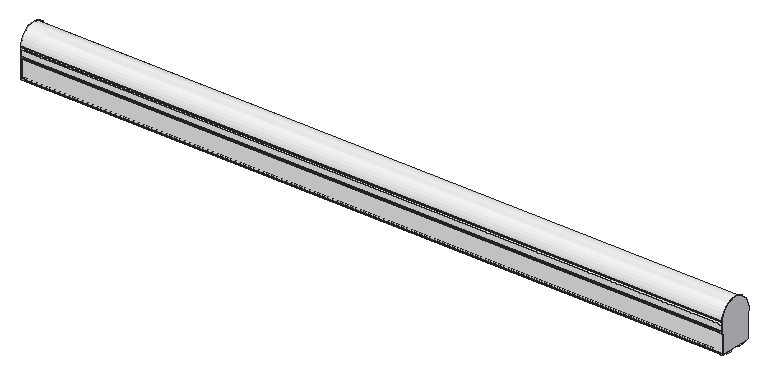
Revit family "LCOMN", category Lighting Fixtures, host Face, Revit 2019
Family settings
  Host = Face
  Round Connector Dimension = Use Diameter
  Part Type = Normal
  OmniClass Number = 23.80.70.11.14.11
  OmniClass Title = Downlights
  Cut with Voids When Loaded = No
  Light Source = Yes
  Shared = No
  Room Calculation Point = No
Parameters (values of type "LCOMN48-LED840K020LUNV")
  Width = 0' - 2 1/16"
  Wattage = 17 W
  built-in parameter 1150110 = 1 (stored number, unit not read)
  Voltage = 120 V
  URL = "https://www.viscor.com/en/products/vru"
  built-in parameter 1114217 = 0.9 (stored number, unit not read)
  Tilt Angle = -90.00°
  built-in parameter 1150109 = 1 (stored number, unit not read)
  built-in parameter 1150134 = 12
  built-in parameter 1150113 = 1 (stored number, unit not read)
  Photometric Web File = "LCOMN48-LED840K020LUNV-G0522.IES"
  Model = "LCOMN"  # constant formula
  Manufacturer = "VISIONEERING by VISCOR"  # constant formula
  built-in parameter 1150105 = 160.99 (stored number, unit not read)
  Lumens = 2023 lm
  built-in parameter 1150115 = 1 (stored number, unit not read)
  built-in parameter 1150137 = (empty or 0)
  built-in parameter 1150139 = (empty or 0)
  Lens Finish = Polycarbonate - Viscor - Frosted Round
  Length = 3' - 8 7/8"
  Lamp Wattage = 17 VA
  built-in parameter 1150112 = 1 (stored number, unit not read)
  built-in parameter 1150114 = 1 (stored number, unit not read)
  Lamp = "LED"  # constant formula
  built-in parameter 1150132 = (empty or 0)
  built-in parameter 1150102 = (empty or 0)
  built-in parameter 1150107 = 4000 (stored number, unit not read)
  built-in parameter 1150138 = (empty or 0)
  built-in parameter 1150106 = 1.6099 (stored number, unit not read)
  Housing Finish = Metal - Viscor - White
  Emit from Line Length = Length  # 3' - 8 7/8"
  built-in parameter 1150104 = 11.055 (stored number, unit not read)
  Dimming Lamp Color Temperature Shift = <None>
  Description = " LED Commercial Type N"  # constant formula
  Default Elevation = 4' - 0"
  Color Filter = 16777215
  built-in parameter 1114218 = 1 (stored number, unit not read)
  built-in parameter 1150133 = 10 (stored number, unit not read)
  Assembly Code = "D5020200"
  Apparent Load = Lamp Wattage  # 17 VA
Types (6): name | Wattage | Photometric Web File | built-in parameter 1150105 | Lumens | Length | Lamp Wattage | built-in parameter 1150106 | Emit from Line Length | built-in parameter 1150104 | Apparent Load
  (no name) | 17 W | "LCOMN48-LED840K020LUNV-G0522.IES" | 160.99 (stored number, unit not read) | 2023 lm | 3' - 8 7/8" | 17 VA | 1.6099 (stored number, unit not read) | 3' - 8 7/8" | 11.055 (stored number, unit not read) | 17 VA
  LCOMN24-LED840K020LUNV | 17 W | "LCOMN24-LED840K020LUNV-G0942.IES" | 165.04 (stored number, unit not read) | 2074 lm | 1' - 10 7/8" | 17 VA | 1.6504 (stored number, unit not read) | 1' - 10 7/8" | 11.334 (stored number, unit not read) | 17 VA
  LCOMN48-LED840K040LUNV | 34 W | "LCOMN48-LED840K040LUNV-G002026.IES" | 327.38 (stored number, unit not read) | 4114 lm | 3' - 8 7/8" | 34 VA | 3.2738 (stored number, unit not read) | 3' - 8 7/8" | 11.241 (stored number, unit not read) | 34 VA
  LCOMN48-LED840K020LUNV | 17 W | "LCOMN48-LED840K020LUNV-G0522.IES" | 160.99 (stored number, unit not read) | 2023 lm | 3' - 8 7/8" | 17 VA | 1.6099 (stored number, unit not read) | 3' - 8 7/8" | 11.055 (stored number, unit not read) | 17 VA
  LCOMN96-LED840K040LUNV | 34 W | "LCOMN96-LED840K040LUNV.ies" | 321.97 (stored number, unit not read) | 4046 lm | 7' - 5 1/4" | 34 VA | 3.2197 (stored number, unit not read) | 7' - 5 1/4" | 11.055 (stored number, unit not read) | 34 VA
  LCOMN96-LED840K080LUNV | 65 W | "LCOMN96-LED840K080LUNV.ies" | 636.22 (stored number, unit not read) | 7995 lm | 7' - 5 1/4" | 65 VA | 6.3622 (stored number, unit not read) | 7' - 5 1/4" | 11.427 (stored number, unit not read) | 65 VA
Reference planes (in)
  plane 1 "Center (Front/Back)": y = 0
  plane 2: z = 0
  plane 3 "Center (Left/Right)": x = 0
  plane 4: y = 1.03125
  plane 5: y = -1.03125
  plane 6 "Left": x = -22.4375
  plane 7 "Right": x = 22.4375
  plane 8 "Right End Plate": x = 22.40625
  plane 9 "Left End Plate": x = -22.40625
Forms (in)
  Extrusion 1, solid, material "Metal - Viscor - White" <- "Housing Finish"
    sketch origin (0, 0, 0) x (0, 1, 0) y (0, 0, 1)
      loop
        arc (0.9225, 0.093) -> (0.96634, 0.11116) -> (0.9845, 0.155) r 0.062
        line (0.9845, 0.155) -> (0.9845, 1.313) -> (1.02256, 1.35793)
        arc (1.02256, 1.35793) -> (1.03725, 1.398) -> (1.02256, 1.43807) r 0.062
        line (1.02256, 1.43807) -> (0.9845, 1.483) -> (0.9845, 1.833) -> (0.95325, 1.833) -> (0.95325, 1.47154) -> (0.99871, 1.41788)
        arc (0.99871, 1.41788) -> (1.006, 1.398) -> (0.99871, 1.37812) r 0.03075
        line (0.99871, 1.37812) -> (0.95325, 1.32446) -> (0.95325, 0.155)
        arc (0.95325, 0.155) -> (0.94424, 0.13326) -> (0.9225, 0.12425) r 0.03075
        line (0.9225, 0.12425) -> (0.74698, 0.12425) -> (0.63698, 0.03125) -> (0.36302, 0.03125) -> (0.25302, 0.12425) -> (-0.25302, 0.12425) -> (-0.36302, 0.03125) -> (-0.63698, 0.03125) -> (-0.74698, 0.12425) -> (-0.9225, 0.12425)
        arc (-0.9225, 0.12425) -> (-0.94424, 0.13326) -> (-0.95325, 0.155) r 0.03075
        line (-0.95325, 0.155) -> (-0.95325, 1.32446) -> (-0.99871, 1.37812)
        arc (-0.99871, 1.37812) -> (-1.006, 1.398) -> (-0.99871, 1.41788) r 0.03075
        line (-0.99871, 1.41788) -> (-0.95325, 1.47154) -> (-0.95325, 1.833) -> (-0.9845, 1.833) -> (-0.9845, 1.483) -> (-1.02256, 1.43807)
        arc (-1.02256, 1.43807) -> (-1.03725, 1.398) -> (-1.02256, 1.35793) r 0.062
        line (-1.02256, 1.35793) -> (-0.9845, 1.313) -> (-0.9845, 0.155)
        arc (-0.9845, 0.155) -> (-0.96634, 0.11116) -> (-0.9225, 0.093) r 0.062
        line (-0.9225, 0.093) -> (-0.75842, 0.093) -> (-0.64842, 0) -> (-0.35158, 0) -> (-0.24158, 0.093) -> (0.24158, 0.093) -> (0.35158, 0) -> (0.64842, 0) -> (0.75842, 0.093) -> (0.9225, 0.093)
    from -22.40625 to 22.40625
  Extrusion 2, solid, material "Metal - Viscor - White" <- "Housing Finish"
    sketch origin (0, 0, 0) x (0, 1, 0) y (0, 0, 1)
      loop
        line (0.99, 1.814) -> (0.99, 1.4905) -> (1.02125, 1.4905) -> (1.02125, 1.814)
        arc (1.02125, 1.814) -> (1.00067, 1.86367) -> (0.951, 1.88425) r 0.07025
        line (0.951, 1.88425) -> (-0.951, 1.88425)
        arc (-0.951, 1.88425) -> (-1.00067, 1.86367) -> (-1.02125, 1.814) r 0.07025
        line (-1.02125, 1.814) -> (-1.02125, 1.4905) -> (-0.99, 1.4905) -> (-0.99, 1.814)
        arc (-0.99, 1.814) -> (-0.97858, 1.84158) -> (-0.951, 1.853) r 0.039
        line (-0.951, 1.853) -> (0.951, 1.853)
        arc (0.951, 1.853) -> (0.97858, 1.84158) -> (0.99, 1.814) r 0.039
    from -22.40625 to 22.40625
  Extrusion 3, solid, material "Polycarbonate - Viscor - Frosted Round" <- "Lens Finish"
    sketch origin (0, 0, 0) x (0, 1, 0) y (0, 0, 1)
      loop
        arc (0.901, 1.883) -> (0.95686, 1.90614) -> (0.98, 1.962) r 0.079
        line (0.98, 1.962) -> (0.98, 1.993)
        arc (0.98, 1.993) -> (0, 2.973) -> (-0.98, 1.993) r 0.98
        line (-0.98, 1.993) -> (-0.98, 1.962)
        arc (-0.98, 1.962) -> (-0.95686, 1.90614) -> (-0.901, 1.883) r 0.079
        line (-0.901, 1.883) -> (-0.775, 1.883) -> (-0.775, 1.92206) -> (-0.901, 1.92206)
        arc (-0.901, 1.92206) -> (-0.92924, 1.93376) -> (-0.94094, 1.962) r 0.03994
        line (-0.94094, 1.962) -> (-0.94094, 1.993)
        arc (-0.94094, 1.993) -> (0, 2.93394) -> (0.94094, 1.993) r 0.94094
        line (0.94094, 1.993) -> (0.94094, 1.962)
        arc (0.94094, 1.962) -> (0.92924, 1.93376) -> (0.901, 1.92206) r 0.03994
        line (0.901, 1.92206) -> (0.775, 1.92206) -> (0.775, 1.883) -> (0.901, 1.883)
    from -22.40625 to 22.40625
  Extrusion 4, solid
    sketch origin (0, 0, 0) x (0, 1, 0) y (0, 0, 1)
      loop
        line (-1.031, 1.95) -> (-1.031, 1.378)
        arc (-1.031, 1.378) -> (-1.00686, 1.32891) -> (-0.95325, 1.31803) r 0.062
        line (-0.95325, 1.31803) -> (-0.95325, 0.155)
        arc (-0.95325, 0.155) -> (-0.94424, 0.13326) -> (-0.9225, 0.12425) r 0.03075
        line (-0.9225, 0.12425) -> (0.9225, 0.12425)
        arc (0.9225, 0.12425) -> (0.94424, 0.13326) -> (0.95325, 0.155) r 0.03075
        line (0.95325, 0.155) -> (0.95325, 1.31803)
        arc (0.95325, 1.31803) -> (1.00686, 1.32891) -> (1.031, 1.378) r 0.062
        line (1.031, 1.378) -> (1.031, 1.95)
        arc (1.031, 1.95) -> (0, 2.981) -> (-1.031, 1.95) r 1.031
    from 22.40625 to 22.4375
  Extrusion 5, solid
    sketch origin (0, 0, 0) x (0, 1, 0) y (0, 0, -1)
      loop
        arc (-1.031, -1.95) -> (0, -2.981) -> (1.031, -1.95) r 1.031
        line (1.031, -1.95) -> (1.031, -1.378)
        arc (1.031, -1.378) -> (1.00686, -1.32891) -> (0.95325, -1.31803) r 0.062
        line (0.95325, -1.31803) -> (0.95325, -0.155)
        arc (0.95325, -0.155) -> (0.94424, -0.13326) -> (0.9225, -0.12425) r 0.03075
        line (0.9225, -0.12425) -> (-0.9225, -0.12425)
        arc (-0.9225, -0.12425) -> (-0.94424, -0.13326) -> (-0.95325, -0.155) r 0.03075
        line (-0.95325, -0.155) -> (-0.95325, -1.31803)
        arc (-0.95325, -1.31803) -> (-1.00686, -1.32891) -> (-1.031, -1.378) r 0.062
        line (-1.031, -1.378) -> (-1.031, -1.95)
    from 22.4375 to 22.40625
Dimensions and locks (in)
  equal spacing: plane 4, plane 1 "Center (Front/Back)", plane 5
  "Width": plane 4 to plane 5
  equal spacing: plane 6 "Left", plane 3 "Center (Left/Right)", plane 7 "Right"
  "Length": plane 6 "Left" to plane 7 "Right"
  locked: plane 9 "Left End Plate" to plane 6 "Left" at 0.03125
  locked: plane 8 "Right End Plate" to plane 7 "Right" at 0.03125
  aligned and locked: plane 2 to host face
  aligned and locked: level to host face
  aligned and locked: Extrusion 1 to plane 9 "Left End Plate"
  aligned and locked: plane 8 "Right End Plate" to Extrusion 1
  aligned and locked: Extrusion 2 to plane 9 "Left End Plate"
  aligned and locked: plane 8 "Right End Plate" to Extrusion 2
  aligned and locked: Extrusion 3 to plane 9 "Left End Plate"
  aligned and locked: plane 8 "Right End Plate" to Extrusion 3
  aligned and locked: plane 7 "Right" to Extrusion 4
  aligned and locked: Extrusion 4 to plane 8 "Right End Plate"
  aligned and locked: Extrusion 5 to plane 6 "Left"
  aligned and locked: plane 9 "Left End Plate" to Extrusion 5
Automatic sketch dimensions
  host sketch curve to host sketch curve = 8' - 0"  (x2)
  Extrusion 1 sketch curve to Extrusion 1 sketch curve = 0' - 0"  (x8)
  Extrusion 1 sketch curve to level = 0' - 0"  (x2)
  plane 5 to Extrusion 1 sketch curve = 0' - 0.00869"  (x2)
  Extrusion 1 sketch curve to Extrusion 1 sketch curve = 0' - 0.02385"  (x2)
  plane 5 to Extrusion 1 sketch curve = 0' - 0.04675"  (x2)
  Extrusion 1 sketch curve to Extrusion 1 sketch curve = 0' - 0.02346"  (x3)
  Extrusion 1 sketch curve to Extrusion 1 sketch curve = 0' - 0 1/32"  (x3)
  Extrusion 1 sketch curve to Extrusion 1 sketch curve = 0' - 0.03075"
  level to Extrusion 1 sketch curve = 0' - 0.093"  (x3)
  Extrusion 1 sketch curve to Extrusion 1 sketch curve = 0' - 0 21/128"
  Extrusion 1 sketch curve to Extrusion 1 sketch curve = 0' - 0.01144"  (x8)
  Extrusion 1 sketch curve to Extrusion 1 sketch curve = 0' - 0.11"  (x4)
  level to Extrusion 1 sketch curve = 0' - 0 1/32"  (x2)
  Extrusion 1 sketch curve to Extrusion 1 sketch curve = 0' - 0.27396"  (x2)
  level to Extrusion 1 sketch curve = 0' - 0.12425"  (x2)
  Extrusion 1 sketch curve to plane 1 "Center (Front/Back)" = 0' - 0.24158"
  Extrusion 1 sketch curve to plane 4 = 0' - 0.10875"
  Extrusion 1 sketch curve to plane 4 = 0' - 0.078"  (x2)
  Extrusion 1 sketch curve to plane 4 = 0' - 0.056"
  Extrusion 1 sketch curve to plane 4 = 0' - 0.00869"  (x2)
  Extrusion 1 sketch curve to Extrusion 1 sketch curve = 0' - 1.158"  (x2)
  Extrusion 1 sketch curve to Extrusion 1 sketch curve = 0' - 0.01146"  (x4)
  Extrusion 1 sketch curve to Extrusion 1 sketch curve = 0' - 0.04493"  (x2)
  Extrusion 1 sketch curve to Extrusion 1 sketch curve = 0' - 0.0202"  (x2)
  Extrusion 1 sketch curve to Extrusion 1 sketch curve = 0' - 0.01988"  (x2)
  Extrusion 1 sketch curve to Extrusion 1 sketch curve = 0' - 0.05367"  (x2)
  Extrusion 1 sketch curve to Extrusion 1 sketch curve = 0' - 0.35"  (x2)
  Extrusion 2 sketch curve to Extrusion 2 sketch curve = 0' - 0"  (x4)
  plane 5 to Extrusion 2 sketch curve = 0' - 0.01"
  Extrusion 2 sketch curve to Extrusion 2 sketch curve = 0' - 0 1/32"
  Extrusion 2 sketch curve to Extrusion 2 sketch curve = 0' - 0.039"
  Extrusion 2 sketch curve to plane 4 = 0' - 0.08025"
  Extrusion 2 sketch curve to plane 4 = 0' - 0.04125"
  level to Extrusion 2 sketch curve = 0' - 1.4905"  (x2)
  Extrusion 2 sketch curve to Extrusion 2 sketch curve = 0' - 0.3235"
  Extrusion 3 sketch curve to Extrusion 3 sketch curve = 0' - 0"  (x7)
  Extrusion 3 sketch curve to plane 1 "Center (Front/Back)" = 0' - 0"
  plane 5 to Extrusion 3 sketch curve = 0' - 0.25625"
  Extrusion 3 sketch curve to Extrusion 3 sketch curve = 0' - 0.126"
  Extrusion 3 sketch curve to Extrusion 3 sketch curve = 0' - 0.03994"  (x2)
  Extrusion 3 sketch curve to Extrusion 3 sketch curve = 0' - 0 5/128"
  Extrusion 3 sketch curve to Extrusion 3 sketch curve = 0' - 0.16594"
  level to Extrusion 3 sketch curve = 0' - 1.883"
  Extrusion 3 sketch curve to Extrusion 3 sketch curve = 0' - 0.07094"
  Extrusion 4 sketch curve to plane 1 "Center (Front/Back)" = 0' - 0"
  plane 5 to Extrusion 4 sketch curve = 0' - 0.10875"
  Extrusion 4 sketch curve to Extrusion 4 sketch curve = 0' - 0.03075"  (x2)
  Extrusion 4 sketch curve to Extrusion 4 sketch curve = 0' - 0.01575"  (x2)
  plane 5 to Extrusion 4 sketch curve = 0' - 0.00025"
  Extrusion 4 sketch curve to plane 4 = 0' - 0.10875"
  level to Extrusion 4 sketch curve = 0' - 0.12425"
  Extrusion 4 sketch curve to Extrusion 4 sketch curve = 0' - 1.16303"  (x2)
  Extrusion 4 sketch curve to Extrusion 4 sketch curve = 0' - 0.572"
  Extrusion 5 sketch curve to plane 1 "Center (Front/Back)" = 0' - 0"
  plane 5 to Extrusion 5 sketch curve = 0' - 0.10875"
  Extrusion 5 sketch curve to Extrusion 5 sketch curve = 0' - 0.03075"  (x2)
  Extrusion 5 sketch curve to Extrusion 5 sketch curve = 0' - 0.01575"
  plane 5 to Extrusion 5 sketch curve = 0' - 0.00025"
  Extrusion 5 sketch curve to plane 4 = 0' - 0.10875"
  Extrusion 5 sketch curve to Extrusion 5 sketch curve = 0' - 0.062"
  level to Extrusion 5 sketch curve = 0' - 1.95"
  Extrusion 5 sketch curve to Extrusion 5 sketch curve = 0' - 0.572"  (x2)
  level to Extrusion 5 sketch curve = 0' - 0.155"
Connectors (in)
  electrical at (0, 0, 0.093), driven by "Voltage"
    settings: on Extrusion 1, index 1, voltage 120 V, apparent load 0 VA, apparent load phase1 0 VA, apparent load phase2 0 VA, apparent load phase3 0 VA, power factor 1, load classification "Other", number of poles 1, system type 31, power factor state 1, is connector primary yes, connector utility no, sub classification motor no, connector description ""
